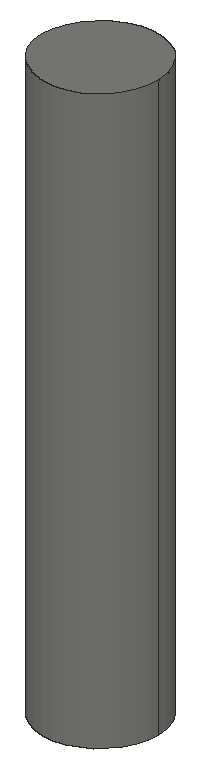
Revit family "Concrete - Round (column)", category Structural Columns, Revit 2024
Family settings
  Display in Hidden Views = Edges Hidden by Other Members
  Section Shape = Not Defined
  Material for Model Behavior = Concrete
  Always export as geometry = No
  Beam cutback in plan = From geometry
  Cut with Voids When Loaded = No
  Symbolic Representation = From Family
  Shared = No
  Show family pre-cut in plan views = Yes
Parameters (values of type "Concrete - Round (column)")
  d = 200 mm
  Structural Material = Concrete
  Creator Organization [instance] = "© Danish Educational Content"  # constant formula
  Creator Name [instance] = "© Erik Falck Jørgensen"  # constant formula
  Creator Build [instance] = "2023.0405.0"  # constant formula
Reference planes
  plane 1 "Center (Front/Back)": y = 0
  plane 2: z = 0
  plane 3 "Center (Left/Right)": x = 0
  plane 4: x = -100
  plane 5: x = 100
  plane 6: y = 100
  plane 7: y = -100
Forms (mm)
  Extrusion 1, solid, material "Concrete" <- "Structural Material"
    sketch origin (0, 0, 0) x (1, 0, 0) y (0, 1, 0)
      loop
        circle (0, 0) r 100
    from 0 to 1000
Dimensions and locks
  equal spacing: plane 4, plane 3 "Center (Left/Right)", plane 5
  equal spacing: plane 7, plane 1 "Center (Front/Back)", plane 6
  "d": plane 7 to plane 6
  "d": plane 4 to plane 5
  aligned and locked: level to Extrusion 1
  aligned and locked: level to plane 2
  aligned and locked: Extrusion 1 to plane 2
Automatic sketch dimensions
  Extrusion 1 sketch curve to plane 1 "Center (Front/Back)" = 0 mm
  Extrusion 1 sketch curve to plane 4 = 0 mm
  Extrusion 1 sketch curve to plane 3 "Center (Left/Right)" = 0 mm
Types in the file's own list only (14): name | d
  180 mm | 180 mm
  200 mm | 200 mm
  225 mm | 225 mm
  250 mm | 250 mm
  280 mm | 280 mm
  300 mm | 300 mm
  320 mm | 320 mm
  350 mm | 350 mm
  360 mm | 360 mm
  400 mm | 400 mm
  450 mm | 450 mm
  500 mm | 500 mm
  600 mm | 600 mm
  750 mm | 750 mm
